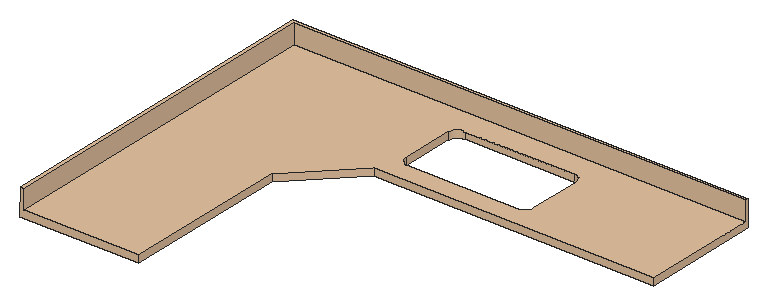
Revit family "328da8b7501d45ea856ac44ac486bb5a", category Casework, Revit 2021
Family settings
  OmniClass Number = 23.40.35.17.47.11
  OmniClass Title = Kitchen Casework
  Seek Item ID = Counter Top-L Shaped w Sink Hole 2-0000-USA-ENU
  Work Plane-Based = No
  Always vertical = Yes
  Cut with Voids When Loaded = No
  Shared = Yes
  Room Calculation Point = No
Parameters (values of type "24" Depth")
  Default Elevation = 0' - 0"
  Assembly Code = "C1030400"
  Counter Thickness = 0' - 1 1/2"
  Counter Top Material = none
  Depth = 2' - 1"
  Height = 3' - 0"
  Length - Leg 1 [instance] = 8' - 0"
  Length - Leg 2 [instance] = 6' - 0"
  Sink Location [instance] = 3' - 3"
  Sink Location To Wall [instance] = 0' - 6"
  Sink Opening Depth [instance] = 1' - 3"
  Sink Opening Width [instance] = 2' - 3"
Reference planes (in)
  plane 1 "Back": y = 0
  plane 2: z = 0
  plane 3 "Left": x = -47.2623
  plane 4 "Right": x = 48.7377
  plane 5 "Front": y = -25
  plane 6 "Top": z = 36
  plane 7 "Top Of Cabinet": z = 34.5
  plane 8: y = -0.75
  plane 9: z = 40
  plane 10: x = -22.2623
  plane 11: y = -72
  plane 12: x = -46.5123
  plane 13: x = -10.2623
  plane 14: y = -37
Forms (in)
  Extrusion 1, solid, material <- "Counter Top Material"
    sketch origin (0, 0, 0) x (1, 0, 0) y (0, 1, 0)
      loop
        line (-47.2623, 0) -> (-47.2623, -72) -> (-22.2623, -72) -> (-22.2623, -37) -> (-10.2623, -25) -> (48.7377, -25) -> (48.7377, 0) -> (-47.2623, 0)
      loop
        arc (-6.2623, -6) -> (-7.67651, -6.58579) -> (-8.2623, -8) r 2
        line (-8.2623, -8) -> (-8.2623, -19)
        arc (-8.2623, -19) -> (-7.67651, -20.41421) -> (-6.2623, -21) r 2
        line (-6.2623, -21) -> (16.7377, -21)
        arc (16.7377, -21) -> (18.15192, -20.41421) -> (18.7377, -19) r 2
        line (18.7377, -19) -> (18.7377, -8)
        arc (18.7377, -8) -> (18.15192, -6.58579) -> (16.7377, -6) r 2
        line (16.7377, -6) -> (-6.2623, -6)
    from 34.5 to 36
  Extrusion 2, solid, material <- "Counter Top Material"
    sketch origin (0, 0, 0) x (1, 0, 0) y (0, 1, 0)
      loop
        line (48.7377, 0) -> (-47.2623, 0) -> (-47.2623, -0.75) -> (48.7377, -0.75) -> (48.7377, 0)
    from 36 to 40
  Extrusion 3, solid, material <- "Counter Top Material"
    sketch origin (0, 0, 0) x (1, 0, 0) y (0, 1, 0)
      loop
        line (-47.2623, -0.75) -> (-47.2623, -72) -> (-46.5123, -72) -> (-46.5123, -0.75) -> (-47.2623, -0.75)
    from 36 to 40
Cuts and joins
  joined: Extrusion 1, Extrusion 2, Extrusion 3
Lines and regions (in)
  Masking region 1
    outline origin (0, 0, 34.5) x (0, -1, 0) y (1, 0, 0)
      loop
        line (0, -47.2623) -> (72, -47.2623) -> (72, -22.2623) -> (37, -22.2623) -> (25, -10.2623) -> (25, 48.7377) -> (0, 48.7377) -> (0, -47.2623)
  symbolic lines, style "Counter Top"
    curve 1: line (-46.5123, -0.75, 34.5) -> (48.7377, -0.75, 34.5)
    curve 2: line (-46.5123, -72, 34.5) -> (-46.5123, -0.75, 34.5)
  symbolic lines, style "Sink Opening"
    curve 3: line (16.7377, -6, 34.5) -> (-6.2623, -6, 34.5)
    curve 4: line (-8.2623, -8, 34.5) -> (-8.2623, -19, 34.5)
    curve 5: line (-6.2623, -21, 34.5) -> (16.7377, -21, 34.5)
    curve 6: line (18.7377, -19, 34.5) -> (18.7377, -8, 34.5)
    curve 7: arc (16.7377, -6, 34.5) -> (18.15192, -6.58579, 34.5) -> (18.7377, -8, 34.5) r 2
    curve 8: arc (-8.2623, -8, 34.5) -> (-7.67651, -6.58579, 34.5) -> (-6.2623, -6, 34.5) r 2
    curve 9: arc (-6.2623, -21, 34.5) -> (-7.67651, -20.41421, 34.5) -> (-8.2623, -19, 34.5) r 2
    curve 10: arc (18.7377, -19, 34.5) -> (18.15192, -20.41421, 34.5) -> (16.7377, -21, 34.5) r 2
Dimensions and locks (in)
  "Depth": plane 5 "Front" to plane 1 "Back"
  "Length - Leg 1": plane 3 "Left" to plane 4 "Right"
  "Height": level to plane 6 "Top"
  "Counter Thickness": plane 7 "Top Of Cabinet" to plane 6 "Top"
  locked: plane 8 to plane 1 "Back" at 0.75
  plane 6 "Top" to plane 9 = 0' - 4"
  "Depth": plane 3 "Left" to plane 10
  "Length - Leg 2": plane 11 to plane 1 "Back"
  locked: plane 3 "Left" to plane 12 at 0.75
  locked: plane 14 to plane 5 "Front" at 12
  locked: plane 10 to plane 13 at 12
  "Sink Opening Width": Extrusion 1 sketch curve to Extrusion 1 sketch curve
  "Sink Location To Wall": Extrusion 1 sketch curve to plane 1 "Back"
  "Sink Opening Depth": Extrusion 1 sketch curve to Extrusion 1 sketch curve
  "Sink Location": plane 3 "Left" to Extrusion 1 sketch curve
  aligned and locked: plane 1 "Back" to Extrusion 1 sketch curve
  aligned and locked: plane 4 "Right" to Extrusion 1 sketch curve
  aligned and locked: Extrusion 1 sketch curve to plane 5 "Front"
  aligned and locked: Extrusion 1 sketch curve to plane 3 "Left"
  aligned and locked: Extrusion 1 to plane 6 "Top"
  aligned and locked: Extrusion 1 to plane 7 "Top Of Cabinet"
  aligned and locked: Extrusion 2 sketch curve to plane 1 "Back"
  aligned and locked: plane 8 to Extrusion 2 sketch curve
  aligned and locked: Extrusion 2 sketch curve to plane 4 "Right"
  aligned and locked: plane 3 "Left" to Extrusion 2 sketch curve
  aligned and locked: Extrusion 2 to plane 9
  aligned and locked: plane 6 "Top" to Extrusion 2
  aligned and locked: plane 10 to Extrusion 1 sketch curve
  aligned and locked: plane 11 to Extrusion 1 sketch curve
  aligned and locked: plane 12 to Extrusion 3 sketch curve
  aligned and locked: Extrusion 3 to plane 8
  aligned and locked: plane 3 "Left" to Extrusion 3
  aligned and locked: Extrusion 3 to plane 9
  aligned and locked: plane 6 "Top" to Extrusion 3
  aligned and locked: Masking region 1 sketch curve to plane 3 "Left"
  aligned and locked: plane 11 to Masking region 1 sketch curve
  aligned and locked: Masking region 1 sketch curve to plane 10
  aligned and locked: plane 4 "Right" to Masking region 1 sketch curve
  aligned and locked: plane 1 "Back" to Masking region 1 sketch curve
  aligned and locked: plane 5 "Front" to Masking region 1 sketch curve
  aligned and locked: Masking region 1 sketch curve to cut or joined group of Extrusion 1, Extrusion 2, Extrusion 3
  aligned and locked: curve 4 to cut or joined group of Extrusion 1, Extrusion 2, Extrusion 3
  aligned and locked: curve 5 to cut or joined group of Extrusion 1, Extrusion 2, Extrusion 3
  aligned and locked: curve 6 to cut or joined group of Extrusion 1, Extrusion 2, Extrusion 3
  aligned and locked: curve 7 to cut or joined group of Extrusion 1, Extrusion 2, Extrusion 3
  aligned: curve 10 to cut or joined group of Extrusion 1, Extrusion 2, Extrusion 3
Automatic sketch dimensions
  plane 3 "Left" to Extrusion 3 sketch curve = 0' - 0"
  plane 11 to Extrusion 3 sketch curve = 0' - 0"
  plane 1 "Back" to Extrusion 3 sketch curve = 0' - 0 3/4"
  Extrusion 1 sketch curve to plane 13 = 0' - 0"
  Extrusion 1 sketch curve to plane 14 = 0' - 0"
  Extrusion 1 sketch curve to Extrusion 1 sketch curve = 0' - 2"  (x4)
  curve 1 to plane 4 "Right" = 0' - 0"
  curve 1 to plane 8 = 0' - 0"
  curve 2 to plane 11 = 0' - 0"
  curve 1 to plane 3 "Left" = 0' - 0 3/4"
  curve 3 to curve 4 = 0' - 2"
  curve 4 to curve 5 = 0' - 2"
  curve 5 to curve 3 = 0' - 0"
